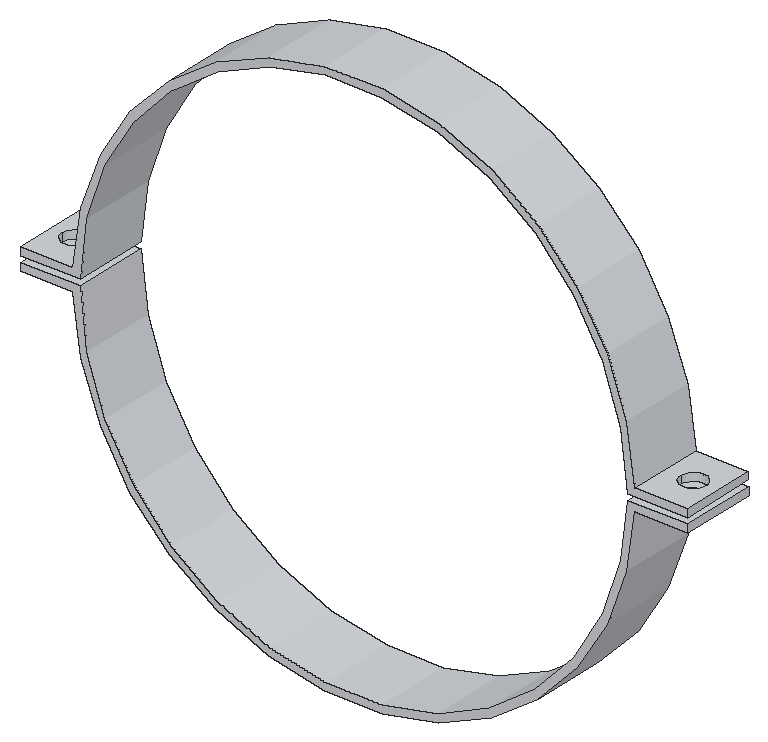
Revit family "Edelstahlrohrschelle V4A, ohne AG, ohne VS, Ø321-360", category HLS-Bauteile, Revit 2023
Family settings
  Bemaßung runder Anschluss = Durchmesser verwenden
  Teiletyp = Normal
  Arbeitsebenenbasiert = Ja
  Immer vertikal = Nein
  Beim Laden mit Abzugskörper schneiden = Nein
  Beschriftungsausrichtung beibehalten = Nein
  Gemeinsam genutzt = Ja
  Raumberechnungspunkt = Nein
Parameters (values of type "Edelstahlrohrschelle V4A, o.AG, o.VS, Ø356-360")
  vpe = "1"
  min. Rohraußendurchmesser = 356 mm
  min. Höhe = 336 mm
  max. zul. Last vertikal = 0.00 kN
  max. zul. Last horizontal = 0.00 kN
  max. Temperaturbeständigkeit = ""
  max. Rohraußendurchmesser = 360 mm
  max. Höhe = 370 mm
  für Gewinde = ""
  Default Elevation = 1219.2 mm
  Verschluss-Schraube = ""
  Verschluss = "Schraubenverschluss"
  Stärke Material = 5 mm
  Schalldämmeinlage = "ohne Dämmung"
  S = Dmax + 2 * MD + DF2  # 407 mm
  Rohraußendurchmesser Zoll = "14 Zoll"
  Rohraußendurchmesser = 0 mm
  Regelhalter [instance] = ""
  Randabstand Lochung = ""
  RM = D / 2 + MD  # 185 mm
  R = D / 2  # 180 mm
  Nennweite DN Rohr = 0 mm
  Mengeneinheit = "St"
  Materialname = "V4A"
  Materialmaße = "50x5,0 mm"
  Material = "Edelstahl"
  MD = 5 mm
  MB = 50 mm
  Lochdurchmesser = ""
  Kurztext2 = "356 - 360 mm ohne Anschluss o. Dämm."
  Kurztext1 = "Rohrschelle Edelstahl V4A 50x5 mm"
  Höhe = " mm"
  HGA = 0 mm
  H = A + D + MD  # 370 mm
  Gewicht pro Bauteil = Gewicht  # 2.496 kg
  Gewicht = 2.496 kg
  Firma = "MEFA Befestigungs- und Montagesysteme GmbH"
  Fabrikat = "MEFA"
  EAN = "4250928413420"
  Dmin = 356 mm
  Dmax = 360 mm
  DVS = 17 mm
  DF2 = 37 mm
  DF1 = 32 mm
  D = 360 mm
  Breite Material = "50 mm"
  Breite = 439 mm
  Brandschutz = ""
  Baustoffklasse = ""
  Bauart = "zweiteilig"
  B = S + DF1  # 439 mm
  Artikelnummer = "0495051"
  Anschlußhöhe = " mm"
  Anschluss = "ohne Anschluss"
  Achsabstand = "407 mm"
  AB = D - Dmin  # 4 mm
  A = MD + HGA  # 5 mm
Types (3, lengths in mm): name | min. Rohraußendurchmesser | min. Höhe | max. Rohraußendurchmesser | max. Höhe | S | Rohraußendurchmesser Zoll | RM | R | Kurztext2 | H | Gewicht pro Bauteil | Gewicht | EAN | Dmin | Dmax | D | Breite | B | Artikelnummer | Achsabstand
  (no name) | 356 | 336 | 360 | 370 | 407 | "14 Zoll" | 185 | 180 | "356 - 360 mm ohne Anschluss o. Dämm." | 370 | 2.496 kg | 2.496 kg | "4250928413420" | 356 | 360 | 360 | 439 | 439 | "0495051" | "407 mm"
  Edelstahlrohrschelle V4A, o.AG, o.VS, Ø321-325 | 321 | 331 | 325 | 335 | 372 | "12 Zoll" | 167.5 | 162.5 | "321 - 325 mm ohne Anschluss o. Dämm." | 335 | 2.27 kg | 2.27 kg | "4250928413413" | 321 | 325 | 325 | 404 | 404 | "0495046" | "372 mm"
  Edelstahlrohrschelle V4A, o.AG, o.VS, Ø356-360 | 356 | 336 | 360 | 370 | 407 | "14 Zoll" | 185 | 180 | "356 - 360 mm ohne Anschluss o. Dämm." | 370 | 2.496 kg | 2.496 kg | "4250928413420" | 356 | 360 | 360 | 439 | 439 | "0495051" | "407 mm"
Reference planes
  plane 1 "Mitte (Vorne/hinten)": y = 0
  plane 2: z = 0
  plane 3 "Mitte (Links/rechts)": x = 0
  plane 4: x = 180
  plane 5: x = -180
  plane 6: x = 203.5
  plane 7: x = -203.5
  plane 8: x = 219.5
  plane 9: x = -219.5
  plane 10: z = 2
  plane 11: z = -2
  plane 12: z = 185
Forms (mm)
  Sweep 1, solid, detail levels medium+fine
    path origin (0, 0, 0) x (1, 0, 0) y (0, 0, 1)
      loop
        line (219.5, 2) -> (179.989, 2)
        arc (179.989, 2) -> (0, 180) -> (-179.989, 2) r 180
        line (-179.989, 2) -> (-219.5, 2)
    profile origin (0, 0, 180) x (0, 0, -1) y (0, -1, 0)
      loop
        line (-5, -25) -> (0, -25) -> (0, 25) -> (-5, 25) -> (-5, -25)
  Sweep 2, solid, detail levels medium+fine
    path origin (0, 0, 0) x (1, 0, 0) y (0, 0, -1)
      loop
        line (219.5, 2) -> (179.989, 2)
        arc (179.989, 2) -> (0, 180) -> (-179.989, 2) r 180
        line (-179.989, 2) -> (-219.5, 2)
    profile origin (0, 0, -180) x (0, 0, -1) y (0, -1, 0)
      loop
        line (5, -25) -> (5, 25) -> (0, 25) -> (0, -25) -> (5, -25)
  Extrusion 3, void
    sketch origin (0, 0, 0) x (1, 0, 0) y (0, 1, 0)
      loop
        circle (-203.5, 0) r 8.5
    from -50 to 50
  Extrusion 4, void
    sketch origin (0, 0, 0) x (-1, 0, 0) y (0, -1, 0)
      loop
        circle (-203.5, 0) r 8.5
    from -50 to 50
Cuts and joins
  Extrusion 3, Extrusion 4 cuts Sweep 1
  Extrusion 3, Extrusion 4 cuts Sweep 2
Lines and regions (mm)
  model lines, detail levels fine
    curve 1: line (0, 0, 12.482) -> (0, 0, -12.518)
    curve 2: line (0, 15.592, 0) -> (0, -14.408, 0)
    curve 3: line (15, 0, 0) -> (-15, 0, 0)
    curve 4: line (-203.5, 16.323, 0) -> (-203.5, -15.841, 0)
    curve 5: line (203.5, 16.323, 0) -> (203.5, -15.841, 0)
    curve 6: line (-216, 0, 0) -> (-191, 0, 0)
    curve 7: line (191, 0, 0) -> (216, 0, 0)
    curve 8: line (203.5, 0, 17.5) -> (203.5, 0, -17.5)
    curve 9: line (-203.5, 0, 17.5) -> (-203.5, 0, -17.5)
  model lines, detail levels coarse
    curve 10: circle (0, 0, -0.018) r 180 normal (0, -1, 0)
Dimensions and locks
  equal spacing: plane 5, plane 3 "Mitte (Links/rechts)", plane 4
  equal spacing: plane 7, plane 3 "Mitte (Links/rechts)", plane 6
  equal spacing: plane 9, plane 3 "Mitte (Links/rechts)", plane 8
  "D": plane 5 to plane 4
  "S": plane 7 to plane 6
  "B": plane 9 to plane 8
  equal spacing: plane 11, level, plane 10
  "AB": plane 11 to plane 10
  "MB": Sweep 1 sketch curve to Sweep 1 sketch curve
  "MD": Sweep 1 sketch curve to Sweep 1 sketch curve
  "MB": Sweep 2 sketch curve to Sweep 2 sketch curve
  "MD": Sweep 2 sketch curve to Sweep 2 sketch curve
  "RM": plane 12 to level
  equal spacing: Sweep 1 sketch curve, profile plane, Sweep 1 sketch curve
  equal spacing: Sweep 2 sketch curve, profile plane, Sweep 2 sketch curve
  "D": diameter of Sweep 1 sketch curve
  "D": diameter of Sweep 2 sketch curve
  "DVS": diameter of Extrusion 3 sketch curve
  "DVS": diameter of Extrusion 4 sketch curve
  "D": diameter of curve 10
  aligned and locked: level to plane 2
  aligned and locked: plane 8 to Sweep 1 sketch curve
  aligned and locked: plane 10 to Sweep 1 sketch curve  (x2)
  aligned and locked: plane 3 "Mitte (Links/rechts)" to curve 1
  aligned and locked: curve 2 to level
  aligned and locked: curve 3 to level
  aligned and locked: plane 7 to curve 4
  aligned and locked: plane 1 "Mitte (Vorne/hinten)" to curve 6
  aligned and locked: plane 1 "Mitte (Vorne/hinten)" to curve 7
  aligned and locked: plane 6 to curve 5
  aligned and locked: curve 8 to plane 6
  aligned and locked: curve 9 to plane 7
Automatic sketch dimensions
  plane 9 to Sweep 1 sketch curve = 0 mm
  Sweep 1 sketch curve to level = 0 mm
  Sweep 1 sketch curve to plane 3 "Mitte (Links/rechts)" = 0 mm
  Sweep 1 sketch curve to plane 10 = 0 mm
  plane 8 to Sweep 1 sketch curve = 0 mm
  plane 9 to Sweep 2 sketch curve = 0 mm
  Sweep 2 sketch curve to plane 11 = 0 mm  (x3)
  Sweep 2 sketch curve to level = 0 mm
  Sweep 2 sketch curve to plane 3 "Mitte (Links/rechts)" = 0 mm
  plane 8 to Sweep 2 sketch curve = 0 mm
  plane 1 "Mitte (Vorne/hinten)" to curve 2 = 14.408 mm
  curve 2 to plane 1 "Mitte (Vorne/hinten)" = 15.592 mm
  plane 1 "Mitte (Vorne/hinten)" to curve 4 = 15.841 mm
  curve 6 to plane 9 = 3.5 mm
  plane 5 to curve 6 = 11 mm
  curve 7 to plane 4 = 11 mm
  plane 8 to curve 7 = 3.5 mm
  plane 1 "Mitte (Vorne/hinten)" to curve 5 = 15.841 mm
  curve 5 to plane 1 "Mitte (Vorne/hinten)" = 16.323 mm
  curve 4 to plane 1 "Mitte (Vorne/hinten)" = 16.323 mm
  curve 10 to plane 3 "Mitte (Links/rechts)" = 0 mm
  curve 10 to level = 0.018 mm
  curve 3 to plane 3 "Mitte (Links/rechts)" = 15 mm
  plane 3 "Mitte (Links/rechts)" to curve 3 = 15 mm
  curve 1 to plane 11 = 10.518 mm
  curve 9 to plane 11 = 15.5 mm
  curve 8 to plane 11 = 15.5 mm
  plane 10 to curve 1 = 10.482 mm
  plane 10 to curve 8 = 15.5 mm
  plane 10 to curve 9 = 15.5 mm
  Sweep 1 sketch curve to profile plane = 0 mm
  Sweep 2 sketch curve to profile plane = 0 mm
  plane 1 "Mitte (Vorne/hinten)" to Extrusion 3 sketch curve = 0 mm
  Extrusion 3 sketch curve to plane 7 = 0 mm
  plane 1 "Mitte (Vorne/hinten)" to Extrusion 4 sketch curve = 0 mm
  Extrusion 4 sketch curve to plane 6 = 0 mm
